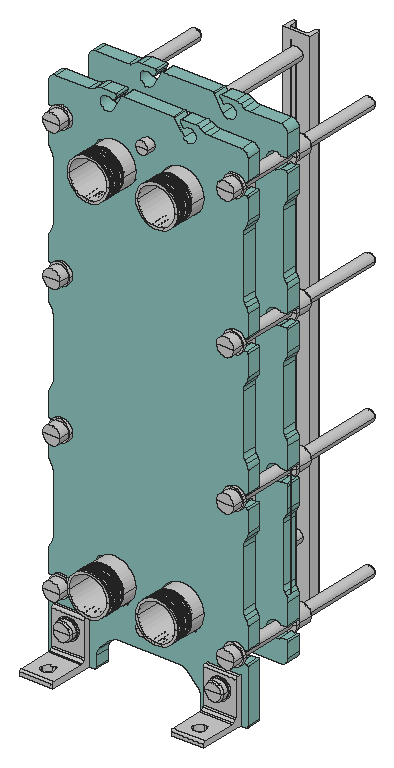
Revit family "Ekin_Endüstriyel - MIT508", category Specialty Equipment, Revit 2022
Family settings
  Round Connector Dimension = Use Diameter
  Part Type = Normal
  Work Plane-Based = No
  Always vertical = No
  Cut with Voids When Loaded = No
  Maintain Annotation Orientation = No
  Shared = No
  Room Calculation Point = No
Parameters (values of type "E12340000DD50L")
  URL = "https://en.ekinendustriyel.com/plate-heat-exchanger"
  Type Comments = "10 bar"
  Model = "E12340000DD50L"
  Material = Galvanized Steel- S235JR
  Manufacturer = "Ekin Endüstriyel"
  Keynote = "Threaded Connection"
  Description = "MIT - Heat Exchanger - 10 bar"
  Default Elevation = 0 mm
Reference planes
  plane 1 "Center (Front/Back)": y = 0
  plane 2: z = 0
  plane 3 "Center (Left/Right)": x = 0
  plane 4 "1": z = 318
  plane 5 "2": z = 73
  plane 6: z = 460
  plane 7: z = 417
  plane 8: x = 29.75
  plane 9: x = -29.75
Forms (mm)
  Extrusion 1, solid, material "Galvanized Steel - S235JR", detail levels coarse
    sketch origin (0, 0, 0) x (1, 0, 0) y (0, 0, 1)
      loop
        line (-146, 0) -> (146, 0) -> (146, 765) -> (-146, 765) -> (-146, 0)
    from 0 to -20
  Extrusion 2, solid, material "Galvanized Steel - S235JR", detail levels coarse
    sketch origin (0, 0, 0) x (1, 0, 0) y (0, 0, 1)
      loop
        line (-146, 0) -> (146, 0) -> (146, 765) -> (-146, 765) -> (-146, 0)
    from -73 to -93
  Extrusion 3, solid, material "Galvanized Steel- S235JR", detail levels coarse
    sketch origin (0, 0, 0) x (1, 0, 0) y (0, 0, 1)
      loop
        line (-146, 0) -> (146, 0) -> (146, 765) -> (-146, 765) -> (-146, 0)
    from -20 to -73
  Extrusion 4, solid, material "Galvanized Steel- S235JR", detail levels coarse
    sketch origin (0, 0, 318) x (-1, 0, 0) y (0, -1, 0)
      loop
        line (20, -270) -> (-20, -270) -> (-20, -289) -> (20, -289) -> (20, -270)
    from -318 to 427
  Extrusion 5, solid, material "Galvanized Steel- S235JR", detail levels coarse
    sketch origin (0, 0, 0) x (1, 0, 0) y (0, 0, 1)
      loop
        line (-82, 641) -> (82, 641) -> (82, 705) -> (-82, 705) -> (-82, 641)
      loop
        line (-82, 159) -> (-82, 95) -> (82, 95) -> (82, 159) -> (-82, 159)
    from 0 to 48.045
  Extrusion 6, solid, material "Galvanized Steel- S235JR", detail levels coarse
    sketch origin (0, 93, 0) x (-1, 0, 0) y (0, 0, 1)
      loop
        circle (126.8, 707.5) r 8
      loop
        circle (-126.8, 707.5) r 8
      loop
        circle (-126.8, 502.5) r 8
      loop
        circle (126.8, 502.5) r 8
      loop
        circle (126.8, 297.5) r 8
      loop
        circle (-126.8, 297.5) r 8
      loop
        circle (-126.8, 92.5) r 8
      loop
        circle (126.8, 92.5) r 8
    from 0 to 152.8
  Extrusion 7, solid, material "Galvanized Steel- S235JR", detail levels coarse
    sketch origin (-20, 270, 318) x (1, 0, 0) y (0, 0, 1)
      loop
        circle (20, 398) r 9.5
      loop
        circle (20, -234) r 9.5
    from 0 to 177
  Extrusion 8, solid, material "Galvanized Steel- S235JR", detail levels coarse
    sketch origin (0, 0, 318) x (-1, 0, 0) y (0, -1, 0)
      loop
        line (135, 67) -> (87, 67) -> (87, 0) -> (135, 0) -> (135, 67)
      loop
        line (-135, 67) -> (-135, 0) -> (-87, 0) -> (-87, 67) -> (-135, 67)
    from -318 to -251
  Extrusion 9, solid, material "Galvanized Steel - S235JR", detail levels medium
    sketch origin (0, 0, 0) x (1, 0, 0) y (0, 0, 1)
      loop
        line (-146, 0) -> (146, 0) -> (146, 765) -> (-146, 765) -> (-146, 0)
    from 0 to -20
  Extrusion 10, solid, material "Galvanized Steel - S235JR", detail levels medium
    sketch origin (0, 0, 0) x (1, 0, 0) y (0, 0, 1)
      loop
        line (-146, 0) -> (146, 0) -> (146, 765) -> (-146, 765) -> (-146, 0)
    from -73 to -93
  Extrusion 11, solid, material "Galvanized Steel- S235JR", detail levels medium
    sketch origin (0, 0, 0) x (1, 0, 0) y (0, 0, 1)
      loop
        line (-97, 674) -> (-97, 123)
        arc (-97, 123) -> (-83.234, 89.766) -> (-50, 76) r 47
        line (-50, 76) -> (-9.5, 76) -> (-9.5, 84)
        arc (-9.5, 84) -> (0, 93.5) -> (9.5, 84) r 9.5
        line (9.5, 84) -> (9.5, 76) -> (50, 76)
        arc (50, 76) -> (83.234, 89.766) -> (97, 123) r 47
        line (97, 123) -> (97, 674)
        arc (97, 674) -> (83.234, 707.234) -> (50, 721) r 47
        line (50, 721) -> (9.5, 721) -> (9.5, 713)
        arc (9.5, 713) -> (0, 703.5) -> (-9.5, 713) r 9.5
        line (-9.5, 713) -> (-9.5, 721) -> (-50, 721)
        arc (-50, 721) -> (-83.234, 707.234) -> (-97, 674) r 47
    from -73 to -20
  Extrusion 12, solid, material "Galvanized Steel- S235JR", detail levels medium
    sketch origin (0, 0, 0) x (1, 0, 0) y (0, 0, 1)
      loop
        circle (-50, 673) r 30
      loop
        circle (50, 673) r 30
      loop
        circle (-50, 127) r 30
      loop
        circle (50, 127) r 30
      loop
        circle (-50, 127) r 26.5
      loop
        circle (50, 127) r 26.5
      loop
        circle (-50, 673) r 26.5
      loop
        circle (50, 673) r 26.5
    from 0 to 48
  Extrusion 13, solid, material "Galvanized Steel- S235JR", detail levels medium
    sketch origin (0, 0, 0) x (1, 0, 0) y (0, 0, 1)
      loop
        circle (-126.8, 502.5) r 8
      loop
        circle (-126.8, 297.5) r 8
      loop
        circle (-126.8, 92.5) r 8
      loop
        circle (-126.8, 707.5) r 8
      loop
        circle (126.8, 502.5) r 8
      loop
        circle (126.8, 297.5) r 8
      loop
        circle (126.8, 92.5) r 8
      loop
        circle (126.8, 707.5) r 8
    from -245.8 to 18.7
  Extrusion 14, void
    sketch origin (0, 0, 0) x (1, 0, 0) y (0, 0, 1)
      loop
        circle (-126.8, 502.5) r 8
      loop
        circle (-126.8, 297.5) r 8
      loop
        circle (-126.8, 92.5) r 8
      loop
        circle (-126.8, 707.5) r 8
      loop
        circle (126.8, 502.5) r 8
      loop
        circle (126.8, 297.5) r 8
      loop
        circle (126.8, 92.5) r 8
      loop
        circle (126.8, 707.5) r 8
      loop
        circle (0, 716) r 9.5
      loop
        circle (0, 84) r 9.5
    from -93 to 0.5
  Extrusion 15, solid, material "Galvanized Steel- S235JR", detail levels medium
    sketch origin (0, 0, 318) x (-1, 0, 0) y (0, -1, 0)
      loop
        line (20, -289) -> (20, -270) -> (-20, -270) -> (-20, -289) -> (-14.599, -289) -> (-14.599, -275) -> (14.599, -275) -> (14.599, -289) -> (20, -289)
    from -318 to 427
  Extrusion 16, solid, material "Galvanized Steel- S235JR", detail levels medium
    sketch origin (0, 0, 0) x (0, 1, 0) y (0, 0, 1)
      loop
        line (0, 67) -> (-8, 67) -> (-8, 8) -> (-67, 8) -> (-67, 0) -> (0, 0) -> (0, 67)
    from -135 to -87
  Extrusion 17, solid, material "Galvanized Steel- S235JR", detail levels medium
    sketch origin (0, 0, 0) x (0, 1, 0) y (0, 0, 1)
      loop
        line (0, 67) -> (-8, 67) -> (-8, 8) -> (-67, 8) -> (-67, 0) -> (0, 0) -> (0, 67)
    from 87 to 135
  Extrusion 18, solid, material "Galvanized Steel- S235JR", detail levels medium
    sketch origin (0, 0, 0) x (1, 0, 0) y (0, 0, 1)
      loop
        circle (-111, 45) r 7
      loop
        circle (111, 45) r 7
    from -39.3 to 20.7
  Extrusion 19, solid, material "Galvanized Steel- S235JR", detail levels medium
    sketch origin (0, 93, 0) x (-1, 0, 0) y (0, 0, 1)
      loop
        circle (0, 84) r 9.5
      loop
        circle (0, 716) r 9.5
    from -105 to 177
  Extrusion 20, solid, material "Galvanized Steel - S235JR", detail levels fine
    sketch origin (0, 0, 0) x (1, 0, 0) y (0, 0, 1)
      loop
        arc (-146, 3) -> (-145.121, 0.879) -> (-143, 0) r 3
        line (-143, 0) -> (-116, 0)
        arc (-116, 0) -> (-114.586, 0.586) -> (-114, 2) r 2
        line (-114, 2) -> (-114, 33.544)
        arc (-114, 33.544) -> (-114.327, 34.639) -> (-115.2, 35.377) r 2
        arc (-115.2, 35.377) -> (-111, 55.5) -> (-106.8, 35.377) r 10.5
        arc (-106.8, 35.377) -> (-107.673, 34.639) -> (-108, 33.544) r 2
        line (-108, 33.544) -> (-108, 2)
        arc (-108, 2) -> (-107.414, 0.586) -> (-106, 0) r 2
        line (-106, 0) -> (-79, 0)
        arc (-79, 0) -> (-76.879, 0.879) -> (-76, 3) r 3
        line (-76, 3) -> (-76, 18.787)
        arc (-76, 18.787) -> (-74.858, 24.527) -> (-71.607, 29.393) r 15
        line (-71.607, 29.393) -> (-55.393, 45.607)
        arc (-55.393, 45.607) -> (-50.527, 48.858) -> (-44.787, 50) r 15
        line (-44.787, 50) -> (44.787, 50)
        arc (44.787, 50) -> (50.527, 48.858) -> (55.393, 45.607) r 15
        line (55.393, 45.607) -> (71.607, 29.393)
        arc (71.607, 29.393) -> (74.858, 24.527) -> (76, 18.787) r 15
        line (76, 18.787) -> (76, 3)
        arc (76, 3) -> (76.879, 0.879) -> (79, 0) r 3
        line (79, 0) -> (106, 0)
        arc (106, 0) -> (107.414, 0.586) -> (108, 2) r 2
        line (108, 2) -> (108, 33.544)
        arc (108, 33.544) -> (107.673, 34.639) -> (106.8, 35.377) r 2
        arc (106.8, 35.377) -> (111, 55.5) -> (115.2, 35.377) r 10.5
        arc (115.2, 35.377) -> (114.327, 34.639) -> (114, 33.544) r 2
        line (114, 33.544) -> (114, 2)
        arc (114, 2) -> (114.586, 0.586) -> (116, 0) r 2
        line (116, 0) -> (143, 0)
        arc (143, 0) -> (145.121, 0.879) -> (146, 3) r 3
        line (146, 3) -> (146, 81.75)
        arc (146, 81.75) -> (145.414, 83.164) -> (144, 83.75) r 2
        line (144, 83.75) -> (135.769, 83.75)
        arc (135.769, 83.75) -> (135.087, 83.63) -> (134.487, 83.286) r 2
        arc (134.487, 83.286) -> (114.8, 92.5) -> (134.487, 101.714) r 12
        arc (134.487, 101.714) -> (135.087, 101.37) -> (135.769, 101.25) r 2
        line (135.769, 101.25) -> (144, 101.25)
        arc (144, 101.25) -> (145.414, 101.836) -> (146, 103.25) r 2
        line (146, 103.25) -> (146, 133.856)
        arc (146, 133.856) -> (145.489, 137.739) -> (143.99, 141.356) r 15
        line (143.99, 141.356) -> (141.01, 146.519)
        arc (141.01, 146.519) -> (139.511, 150.137) -> (139, 154.019) r 15
        line (139, 154.019) -> (139, 235.981)
        arc (139, 235.981) -> (139.511, 239.863) -> (141.01, 243.481) r 15
        line (141.01, 243.481) -> (143.99, 248.644)
        arc (143.99, 248.644) -> (145.489, 252.261) -> (146, 256.144) r 15
        line (146, 256.144) -> (146, 286.75)
        arc (146, 286.75) -> (145.414, 288.164) -> (144, 288.75) r 2
        line (144, 288.75) -> (135.769, 288.75)
        arc (135.769, 288.75) -> (135.087, 288.63) -> (134.487, 288.286) r 2
        arc (134.487, 288.286) -> (114.8, 297.5) -> (134.487, 306.714) r 12
        arc (134.487, 306.714) -> (135.087, 306.37) -> (135.769, 306.25) r 2
        line (135.769, 306.25) -> (144, 306.25)
        arc (144, 306.25) -> (145.414, 306.836) -> (146, 308.25) r 2
        line (146, 308.25) -> (146, 338.856)
        arc (146, 338.856) -> (145.489, 342.739) -> (143.99, 346.356) r 15
        line (143.99, 346.356) -> (141.01, 351.519)
        arc (141.01, 351.519) -> (139.511, 355.137) -> (139, 359.019) r 15
        line (139, 359.019) -> (139, 440.981)
        arc (139, 440.981) -> (139.511, 444.863) -> (141.01, 448.481) r 15
        line (141.01, 448.481) -> (143.99, 453.644)
        arc (143.99, 453.644) -> (145.489, 457.261) -> (146, 461.144) r 15
        line (146, 461.144) -> (146, 491.75)
        arc (146, 491.75) -> (145.414, 493.164) -> (144, 493.75) r 2
        line (144, 493.75) -> (135.769, 493.75)
        arc (135.769, 493.75) -> (135.087, 493.63) -> (134.487, 493.286) r 2
        arc (134.487, 493.286) -> (114.8, 502.5) -> (134.487, 511.714) r 12
        arc (134.487, 511.714) -> (135.087, 511.37) -> (135.769, 511.25) r 2
        line (135.769, 511.25) -> (144, 511.25)
        arc (144, 511.25) -> (145.414, 511.836) -> (146, 513.25) r 2
        line (146, 513.25) -> (146, 543.856)
        arc (146, 543.856) -> (145.489, 547.739) -> (143.99, 551.356) r 15
        line (143.99, 551.356) -> (141.01, 556.519)
        arc (141.01, 556.519) -> (139.511, 560.137) -> (139, 564.019) r 15
        line (139, 564.019) -> (139, 645.981)
        arc (139, 645.981) -> (139.511, 649.863) -> (141.01, 653.481) r 15
        line (141.01, 653.481) -> (143.99, 658.644)
        arc (143.99, 658.644) -> (145.489, 662.261) -> (146, 666.144) r 15
        line (146, 666.144) -> (146, 696.75)
        arc (146, 696.75) -> (145.414, 698.164) -> (144, 698.75) r 2
        line (144, 698.75) -> (135.769, 698.75)
        arc (135.769, 698.75) -> (135.087, 698.63) -> (134.487, 698.286) r 2
        arc (134.487, 698.286) -> (114.8, 707.5) -> (134.487, 716.714) r 12
        arc (134.487, 716.714) -> (135.087, 716.37) -> (135.769, 716.25) r 2
        line (135.769, 716.25) -> (144, 716.25)
        arc (144, 716.25) -> (145.414, 716.836) -> (146, 718.25) r 2
        line (146, 718.25) -> (146, 748)
        arc (146, 748) -> (143.071, 755.071) -> (136, 758) r 10
        line (136, 758) -> (89.144, 758)
        arc (89.144, 758) -> (85.261, 758.511) -> (81.644, 760.01) r 15
        line (81.644, 760.01) -> (76.481, 762.99)
        arc (76.481, 762.99) -> (72.863, 764.489) -> (68.981, 765) r 15
        line (68.981, 765) -> (48.453, 765)
        arc (48.453, 765) -> (46.721, 764) -> (46.721, 762) r 2
        line (46.721, 762) -> (49.979, 756.357)
        arc (49.979, 756.357) -> (51.39, 755.383) -> (53.037, 755.86) r 2
        arc (53.037, 755.86) -> (70.364, 746.316) -> (50.907, 742.75) r 10.5
        line (50.907, 742.75) -> (38.638, 764)
        arc (38.638, 764) -> (37.906, 764.732) -> (36.906, 765) r 2
        line (36.906, 765) -> (-36.906, 765)
        arc (-36.906, 765) -> (-37.906, 764.732) -> (-38.638, 764) r 2
        line (-38.638, 764) -> (-50.907, 742.75)
        arc (-50.907, 742.75) -> (-70.364, 746.316) -> (-53.037, 755.86) r 10.5
        arc (-53.037, 755.86) -> (-51.39, 755.383) -> (-49.979, 756.357) r 2
        line (-49.979, 756.357) -> (-46.721, 762)
        arc (-46.721, 762) -> (-46.721, 764) -> (-48.453, 765) r 2
        line (-48.453, 765) -> (-68.981, 765)
        arc (-68.981, 765) -> (-72.863, 764.489) -> (-76.481, 762.99) r 15
        line (-76.481, 762.99) -> (-81.644, 760.01)
        arc (-81.644, 760.01) -> (-85.261, 758.511) -> (-89.144, 758) r 15
        line (-89.144, 758) -> (-136, 758)
        arc (-136, 758) -> (-143.071, 755.071) -> (-146, 748) r 10
        line (-146, 748) -> (-146, 718.25)
        arc (-146, 718.25) -> (-145.414, 716.836) -> (-144, 716.25) r 2
        line (-144, 716.25) -> (-135.769, 716.25)
        arc (-135.769, 716.25) -> (-135.087, 716.37) -> (-134.487, 716.714) r 2
        arc (-134.487, 716.714) -> (-114.8, 707.5) -> (-134.487, 698.286) r 12
        arc (-134.487, 698.286) -> (-135.087, 698.63) -> (-135.769, 698.75) r 2
        line (-135.769, 698.75) -> (-144, 698.75)
        arc (-144, 698.75) -> (-145.414, 698.164) -> (-146, 696.75) r 2
        line (-146, 696.75) -> (-146, 666.144)
        arc (-146, 666.144) -> (-145.489, 662.261) -> (-143.99, 658.644) r 15
        line (-143.99, 658.644) -> (-141.01, 653.481)
        arc (-141.01, 653.481) -> (-139.511, 649.863) -> (-139, 645.981) r 15
        line (-139, 645.981) -> (-139, 564.019)
        arc (-139, 564.019) -> (-139.511, 560.137) -> (-141.01, 556.519) r 15
        line (-141.01, 556.519) -> (-143.99, 551.356)
        arc (-143.99, 551.356) -> (-145.489, 547.739) -> (-146, 543.856) r 15
        line (-146, 543.856) -> (-146, 513.25)
        arc (-146, 513.25) -> (-145.414, 511.836) -> (-144, 511.25) r 2
        line (-144, 511.25) -> (-135.769, 511.25)
        arc (-135.769, 511.25) -> (-135.087, 511.37) -> (-134.487, 511.714) r 2
        arc (-134.487, 511.714) -> (-114.8, 502.5) -> (-134.487, 493.286) r 12
        arc (-134.487, 493.286) -> (-135.087, 493.63) -> (-135.769, 493.75) r 2
        line (-135.769, 493.75) -> (-144, 493.75)
        arc (-144, 493.75) -> (-145.414, 493.164) -> (-146, 491.75) r 2
        line (-146, 491.75) -> (-146, 461.144)
        arc (-146, 461.144) -> (-145.489, 457.261) -> (-143.99, 453.644) r 15
        line (-143.99, 453.644) -> (-141.01, 448.481)
        arc (-141.01, 448.481) -> (-139.511, 444.863) -> (-139, 440.981) r 15
        line (-139, 440.981) -> (-139, 359.019)
        arc (-139, 359.019) -> (-139.511, 355.137) -> (-141.01, 351.519) r 15
        line (-141.01, 351.519) -> (-143.99, 346.356)
        arc (-143.99, 346.356) -> (-145.489, 342.739) -> (-146, 338.856) r 15
        line (-146, 338.856) -> (-146, 308.25)
        arc (-146, 308.25) -> (-145.414, 306.836) -> (-144, 306.25) r 2
        line (-144, 306.25) -> (-135.769, 306.25)
        arc (-135.769, 306.25) -> (-135.087, 306.37) -> (-134.487, 306.714) r 2
        arc (-134.487, 306.714) -> (-114.8, 297.5) -> (-134.487, 288.286) r 12
        arc (-134.487, 288.286) -> (-135.087, 288.63) -> (-135.769, 288.75) r 2
        line (-135.769, 288.75) -> (-144, 288.75)
        arc (-144, 288.75) -> (-145.414, 288.164) -> (-146, 286.75) r 2
        line (-146, 286.75) -> (-146, 256.144)
        arc (-146, 256.144) -> (-145.489, 252.261) -> (-143.99, 248.644) r 15
        line (-143.99, 248.644) -> (-141.01, 243.481)
        arc (-141.01, 243.481) -> (-139.511, 239.863) -> (-139, 235.981) r 15
        line (-139, 235.981) -> (-139, 154.019)
        arc (-139, 154.019) -> (-139.511, 150.137) -> (-141.01, 146.519) r 15
        line (-141.01, 146.519) -> (-143.99, 141.356)
        arc (-143.99, 141.356) -> (-145.489, 137.739) -> (-146, 133.856) r 15
        line (-146, 133.856) -> (-146, 103.25)
        arc (-146, 103.25) -> (-145.414, 101.836) -> (-144, 101.25) r 2
        line (-144, 101.25) -> (-135.769, 101.25)
        arc (-135.769, 101.25) -> (-135.087, 101.37) -> (-134.487, 101.714) r 2
        arc (-134.487, 101.714) -> (-114.8, 92.5) -> (-134.487, 83.286) r 12
        arc (-134.487, 83.286) -> (-135.087, 83.63) -> (-135.769, 83.75) r 2
        line (-135.769, 83.75) -> (-144, 83.75)
        arc (-144, 83.75) -> (-145.414, 83.164) -> (-146, 81.75) r 2
        line (-146, 81.75) -> (-146, 3)
      loop
        circle (-50, 127) r 32
      loop
        circle (50, 127) r 32
      loop
        circle (-50, 673) r 32
      loop
        circle (50, 673) r 32
      loop
        circle (0, 716) r 8
      loop
        circle (0, 84) r 8
    from -20 to 0
  Extrusion 21, solid, material "Galvanized Steel - S235JR", detail levels fine
    sketch origin (0, 0, 0) x (1, 0, 0) y (0, 0, 1)
      loop
        arc (-146, 60) -> (-143.071, 52.929) -> (-136, 50) r 10
        line (-136, 50) -> (-21, 50)
        arc (-21, 50) -> (-13.929, 52.929) -> (-11, 60) r 10
        line (-11, 60) -> (-11, 84)
        arc (-11, 84) -> (0, 95) -> (11, 84) r 11
        line (11, 84) -> (11, 60)
        arc (11, 60) -> (13.929, 52.929) -> (21, 50) r 10
        line (21, 50) -> (136, 50)
        arc (136, 50) -> (143.071, 52.929) -> (146, 60) r 10
        line (146, 60) -> (146, 81.75)
        arc (146, 81.75) -> (145.414, 83.164) -> (144, 83.75) r 2
        line (144, 83.75) -> (135.769, 83.75)
        arc (135.769, 83.75) -> (135.087, 83.63) -> (134.487, 83.286) r 2
        arc (134.487, 83.286) -> (114.8, 92.5) -> (134.487, 101.714) r 12
        arc (134.487, 101.714) -> (135.087, 101.37) -> (135.769, 101.25) r 2
        line (135.769, 101.25) -> (144, 101.25)
        arc (144, 101.25) -> (145.414, 101.836) -> (146, 103.25) r 2
        line (146, 103.25) -> (146, 133.856)
        arc (146, 133.856) -> (145.489, 137.739) -> (143.99, 141.356) r 15
        line (143.99, 141.356) -> (141.01, 146.519)
        arc (141.01, 146.519) -> (139.511, 150.137) -> (139, 154.019) r 15
        line (139, 154.019) -> (139, 235.981)
        arc (139, 235.981) -> (139.511, 239.863) -> (141.01, 243.481) r 15
        line (141.01, 243.481) -> (143.99, 248.644)
        arc (143.99, 248.644) -> (145.489, 252.261) -> (146, 256.144) r 15
        line (146, 256.144) -> (146, 286.75)
        arc (146, 286.75) -> (145.414, 288.164) -> (144, 288.75) r 2
        line (144, 288.75) -> (135.769, 288.75)
        arc (135.769, 288.75) -> (135.087, 288.63) -> (134.487, 288.286) r 2
        arc (134.487, 288.286) -> (114.8, 297.5) -> (134.487, 306.714) r 12
        arc (134.487, 306.714) -> (135.087, 306.37) -> (135.769, 306.25) r 2
        line (135.769, 306.25) -> (144, 306.25)
        arc (144, 306.25) -> (145.414, 306.836) -> (146, 308.25) r 2
        line (146, 308.25) -> (146, 338.856)
        arc (146, 338.856) -> (145.489, 342.739) -> (143.99, 346.356) r 15
        line (143.99, 346.356) -> (141.01, 351.519)
        arc (141.01, 351.519) -> (139.511, 355.137) -> (139, 359.019) r 15
        line (139, 359.019) -> (139, 440.981)
        arc (139, 440.981) -> (139.511, 444.863) -> (141.01, 448.481) r 15
        line (141.01, 448.481) -> (143.99, 453.644)
        arc (143.99, 453.644) -> (145.489, 457.261) -> (146, 461.144) r 15
        line (146, 461.144) -> (146, 491.75)
        arc (146, 491.75) -> (145.414, 493.164) -> (144, 493.75) r 2
        line (144, 493.75) -> (135.769, 493.75)
        arc (135.769, 493.75) -> (135.087, 493.63) -> (134.487, 493.286) r 2
        arc (134.487, 493.286) -> (114.8, 502.5) -> (134.487, 511.714) r 12
        arc (134.487, 511.714) -> (135.087, 511.37) -> (135.769, 511.25) r 2
        line (135.769, 511.25) -> (144, 511.25)
        arc (144, 511.25) -> (145.414, 511.836) -> (146, 513.25) r 2
        line (146, 513.25) -> (146, 543.856)
        arc (146, 543.856) -> (145.489, 547.739) -> (143.99, 551.356) r 15
        line (143.99, 551.356) -> (141.01, 556.519)
        arc (141.01, 556.519) -> (139.511, 560.137) -> (139, 564.019) r 15
        line (139, 564.019) -> (139, 645.981)
        arc (139, 645.981) -> (139.511, 649.863) -> (141.01, 653.481) r 15
        line (141.01, 653.481) -> (143.99, 658.644)
        arc (143.99, 658.644) -> (145.489, 662.261) -> (146, 666.144) r 15
        line (146, 666.144) -> (146, 696.75)
        arc (146, 696.75) -> (145.414, 698.164) -> (144, 698.75) r 2
        line (144, 698.75) -> (135.769, 698.75)
        arc (135.769, 698.75) -> (135.087, 698.63) -> (134.487, 698.286) r 2
        arc (134.487, 698.286) -> (114.8, 707.5) -> (134.487, 716.714) r 12
        arc (134.487, 716.714) -> (135.087, 716.37) -> (135.769, 716.25) r 2
        line (135.769, 716.25) -> (144, 716.25)
        arc (144, 716.25) -> (145.414, 716.836) -> (146, 718.25) r 2
        line (146, 718.25) -> (146, 748)
        arc (146, 748) -> (143.071, 755.071) -> (136, 758) r 10
        line (136, 758) -> (89.144, 758)
        arc (89.144, 758) -> (85.261, 758.511) -> (81.644, 760.01) r 15
        line (81.644, 760.01) -> (76.481, 762.99)
        arc (76.481, 762.99) -> (72.863, 764.489) -> (68.981, 765) r 15
        line (68.981, 765) -> (48.453, 765)
        arc (48.453, 765) -> (46.721, 764) -> (46.721, 762) r 2
        line (46.721, 762) -> (49.979, 756.357)
        arc (49.979, 756.357) -> (51.39, 755.383) -> (53.037, 755.86) r 2
        arc (53.037, 755.86) -> (70.364, 746.316) -> (50.907, 742.75) r 10.5
        line (50.907, 742.75) -> (38.638, 764)
        arc (38.638, 764) -> (37.906, 764.732) -> (36.906, 765) r 2
        line (36.906, 765) -> (-36.906, 765)
        arc (-36.906, 765) -> (-37.906, 764.732) -> (-38.638, 764) r 2
        line (-38.638, 764) -> (-50.907, 742.75)
        arc (-50.907, 742.75) -> (-70.364, 746.316) -> (-53.037, 755.86) r 10.5
        arc (-53.037, 755.86) -> (-51.39, 755.383) -> (-49.979, 756.357) r 2
        line (-49.979, 756.357) -> (-46.721, 762)
        arc (-46.721, 762) -> (-46.721, 764) -> (-48.453, 765) r 2
        line (-48.453, 765) -> (-68.981, 765)
        arc (-68.981, 765) -> (-72.863, 764.489) -> (-76.481, 762.99) r 15
        line (-76.481, 762.99) -> (-81.644, 760.01)
        arc (-81.644, 760.01) -> (-85.261, 758.511) -> (-89.144, 758) r 15
        line (-89.144, 758) -> (-136, 758)
        arc (-136, 758) -> (-143.071, 755.071) -> (-146, 748) r 10
        line (-146, 748) -> (-146, 718.25)
        arc (-146, 718.25) -> (-145.414, 716.836) -> (-144, 716.25) r 2
        line (-144, 716.25) -> (-135.769, 716.25)
        arc (-135.769, 716.25) -> (-135.087, 716.37) -> (-134.487, 716.714) r 2
        arc (-134.487, 716.714) -> (-114.8, 707.5) -> (-134.487, 698.286) r 12
        arc (-134.487, 698.286) -> (-135.087, 698.63) -> (-135.769, 698.75) r 2
        line (-135.769, 698.75) -> (-144, 698.75)
        arc (-144, 698.75) -> (-145.414, 698.164) -> (-146, 696.75) r 2
        line (-146, 696.75) -> (-146, 666.144)
        arc (-146, 666.144) -> (-145.489, 662.261) -> (-143.99, 658.644) r 15
        line (-143.99, 658.644) -> (-141.01, 653.481)
        arc (-141.01, 653.481) -> (-139.511, 649.863) -> (-139, 645.981) r 15
        line (-139, 645.981) -> (-139, 564.019)
        arc (-139, 564.019) -> (-139.511, 560.137) -> (-141.01, 556.519) r 15
        line (-141.01, 556.519) -> (-143.99, 551.356)
        arc (-143.99, 551.356) -> (-145.489, 547.739) -> (-146, 543.856) r 15
        line (-146, 543.856) -> (-146, 513.25)
        arc (-146, 513.25) -> (-145.414, 511.836) -> (-144, 511.25) r 2
        line (-144, 511.25) -> (-135.769, 511.25)
        arc (-135.769, 511.25) -> (-135.087, 511.37) -> (-134.487, 511.714) r 2
        arc (-134.487, 511.714) -> (-114.8, 502.5) -> (-134.487, 493.286) r 12
        arc (-134.487, 493.286) -> (-135.087, 493.63) -> (-135.769, 493.75) r 2
        line (-135.769, 493.75) -> (-144, 493.75)
        arc (-144, 493.75) -> (-145.414, 493.164) -> (-146, 491.75) r 2
        line (-146, 491.75) -> (-146, 461.144)
        arc (-146, 461.144) -> (-145.489, 457.261) -> (-143.99, 453.644) r 15
        line (-143.99, 453.644) -> (-141.01, 448.481)
        arc (-141.01, 448.481) -> (-139.511, 444.863) -> (-139, 440.981) r 15
        line (-139, 440.981) -> (-139, 359.019)
        arc (-139, 359.019) -> (-139.511, 355.137) -> (-141.01, 351.519) r 15
        line (-141.01, 351.519) -> (-143.99, 346.356)
        arc (-143.99, 346.356) -> (-145.489, 342.739) -> (-146, 338.856) r 15
        line (-146, 338.856) -> (-146, 308.25)
        arc (-146, 308.25) -> (-145.414, 306.836) -> (-144, 306.25) r 2
        line (-144, 306.25) -> (-135.769, 306.25)
        arc (-135.769, 306.25) -> (-135.087, 306.37) -> (-134.487, 306.714) r 2
        arc (-134.487, 306.714) -> (-114.8, 297.5) -> (-134.487, 288.286) r 12
        arc (-134.487, 288.286) -> (-135.087, 288.63) -> (-135.769, 288.75) r 2
        line (-135.769, 288.75) -> (-144, 288.75)
        arc (-144, 288.75) -> (-145.414, 288.164) -> (-146, 286.75) r 2
        line (-146, 286.75) -> (-146, 256.144)
        arc (-146, 256.144) -> (-145.489, 252.261) -> (-143.99, 248.644) r 15
        line (-143.99, 248.644) -> (-141.01, 243.481)
        arc (-141.01, 243.481) -> (-139.511, 239.863) -> (-139, 235.981) r 15
        line (-139, 235.981) -> (-139, 154.019)
        arc (-139, 154.019) -> (-139.511, 150.137) -> (-141.01, 146.519) r 15
        line (-141.01, 146.519) -> (-143.99, 141.356)
        arc (-143.99, 141.356) -> (-145.489, 137.739) -> (-146, 133.856) r 15
        line (-146, 133.856) -> (-146, 103.25)
        arc (-146, 103.25) -> (-145.414, 101.836) -> (-144, 101.25) r 2
        line (-144, 101.25) -> (-135.769, 101.25)
        arc (-135.769, 101.25) -> (-135.087, 101.37) -> (-134.487, 101.714) r 2
        arc (-134.487, 101.714) -> (-114.8, 92.5) -> (-134.487, 83.286) r 12
        arc (-134.487, 83.286) -> (-135.087, 83.63) -> (-135.769, 83.75) r 2
        line (-135.769, 83.75) -> (-144, 83.75)
        arc (-144, 83.75) -> (-145.414, 83.164) -> (-146, 81.75) r 2
        line (-146, 81.75) -> (-146, 60)
      loop
        circle (0, 716) r 11
    from -93 to -73
  Extrusion 22, solid, material "Galvanized Steel- S235JR", detail levels fine
    sketch origin (0, 0, 0) x (1, 0, 0) y (0, 0, 1)
      loop
        line (97, 123) -> (97, 674)
        arc (97, 674) -> (83.234, 707.234) -> (50, 721) r 47
        line (50, 721) -> (9.5, 721) -> (9.5, 713)
        arc (9.5, 713) -> (0, 703.5) -> (-9.5, 713) r 9.5
        line (-9.5, 713) -> (-9.5, 721) -> (-50, 721)
        arc (-50, 721) -> (-83.234, 707.234) -> (-97, 674) r 47
        line (-97, 674) -> (-97, 123)
        arc (-97, 123) -> (-83.234, 89.766) -> (-50, 76) r 47
        line (-50, 76) -> (-9.5, 76) -> (-9.5, 83)
        arc (-9.5, 83) -> (0, 92.5) -> (9.5, 83) r 9.5
        line (9.5, 83) -> (9.5, 76) -> (50, 76)
        arc (50, 76) -> (83.234, 89.766) -> (97, 123) r 47
      loop
        circle (-50, 673) r 32
      loop
        circle (50, 673) r 32
      loop
        circle (-50, 127) r 32
      loop
        circle (50, 127) r 32
    from -73 to -20
  Extrusion 23, solid, material "Galvanized Steel- S235JR", detail levels fine
    sketch origin (0, 0, 318) x (-1, 0, 0) y (0, -1, 0)
      loop
        arc (14.599, -286.757) -> (17.519, -288.989) -> (20, -286.279) r 2.721
        line (20, -286.279) -> (20, -270) -> (-20, -270) -> (-20, -286.279)
        arc (-20, -286.279) -> (-17.519, -288.989) -> (-14.599, -286.757) r 2.721
        line (-14.599, -286.757) -> (-12.868, -277.061)
        arc (-12.868, -277.061) -> (-12.012, -275.583) -> (-10.407, -275) r 2.5
        line (-10.407, -275) -> (10.407, -275)
        arc (10.407, -275) -> (12.012, -275.583) -> (12.868, -277.061) r 2.5
        line (12.868, -277.061) -> (14.599, -286.757)
    from 427 to -318
  Revolve 24, solid, material "Galvanized Steel- S235JR", detail levels fine
    sketch origin (-0.866, 0, 297.215) x (-1, 0, 0) y (0, -1, 0)
      loop
        line (134.8, -243.8) -> (134.8, -122.7) -> (138.8, -122.7) -> (140.221, -120.846) -> (140.221, -99.061) -> (138.8, -97.2) -> (141.8, -97.2) -> (141.8, -93) -> (134.8, -93) -> (134.8, 0) -> (141.8, 0) -> (141.8, 4.2) -> (139.175, 4.2) -> (139.175, 18.7) -> (126.37, 18.7) -> (126.37, -245.8) -> (133.645, -245.8) -> (134.8, -243.8)
      axis (126.37, 18.7) -> (126.37, -245.8)
    angle from 0 to 360
  Revolve 25, solid, material "Galvanized Steel- S235JR", detail levels fine
    sketch origin (0.866, 0, 297.215) x (1, 0, 0) y (0, 1, 0)
      loop
        line (134.8, 243.8) -> (133.645, 245.8) -> (126.37, 245.8) -> (126.37, -18.7) -> (139.175, -18.7) -> (139.175, -4.2) -> (141.8, -4.2) -> (141.8, 0) -> (134.8, 0) -> (134.8, 93) -> (141.8, 93) -> (141.8, 97.2) -> (138.8, 97.2) -> (140.221, 99.061) -> (140.221, 120.846) -> (138.8, 122.7) -> (134.8, 122.7) -> (134.8, 243.8)
      axis (126.37, -18.7) -> (126.37, 245.8)
    angle from 0 to 360
  Revolve 26, solid, material "Galvanized Steel- S235JR", detail levels fine
    sketch origin (-0.866, 0, 502.59) x (0, 1, 0) y (-1, 0, 0)
      loop
        line (243.8, 134.8) -> (122.7, 134.8) -> (122.7, 138.8) -> (120.846, 140.221) -> (99.061, 140.221) -> (97.2, 138.8) -> (97.2, 141.8) -> (93, 141.8) -> (93, 134.8) -> (0, 134.8) -> (0, 141.8) -> (-4.2, 141.8) -> (-4.2, 139.175) -> (-18.7, 139.175) -> (-18.7, 126.37) -> (245.8, 126.37) -> (245.8, 133.645) -> (243.8, 134.8)
      axis (-18.7, 126.37) -> (245.8, 126.37)
    angle from 0 to 360
  Revolve 27, solid, material "Galvanized Steel- S235JR", detail levels fine
    sketch origin (0.866, 0, 502.59) x (0, -1, 0) y (1, 0, 0)
      loop
        line (-243.8, 134.8) -> (-245.8, 133.645) -> (-245.8, 126.37) -> (18.7, 126.37) -> (18.7, 139.175) -> (4.2, 139.175) -> (4.2, 141.8) -> (0, 141.8) -> (0, 134.8) -> (-93, 134.8) -> (-93, 141.8) -> (-97.2, 141.8) -> (-97.2, 138.8) -> (-99.061, 140.221) -> (-120.846, 140.221) -> (-122.7, 138.8) -> (-122.7, 134.8) -> (-243.8, 134.8)
      axis (18.7, 126.37) -> (-245.8, 126.37)
    angle from 0 to 360
  Revolve 28, solid, material "Galvanized Steel- S235JR", detail levels fine
    sketch origin (-0.866, 0, 707.59) x (0, 1, 0) y (-1, 0, 0)
      loop
        line (243.8, 134.8) -> (122.7, 134.8) -> (122.7, 138.8) -> (120.846, 140.221) -> (99.061, 140.221) -> (97.2, 138.8) -> (97.2, 141.8) -> (93, 141.8) -> (93, 134.8) -> (0, 134.8) -> (0, 141.8) -> (-4.2, 141.8) -> (-4.2, 139.175) -> (-18.7, 139.175) -> (-18.7, 126.37) -> (245.8, 126.37) -> (245.8, 133.645) -> (243.8, 134.8)
      axis (-18.7, 126.37) -> (245.8, 126.37)
    angle from 0 to 360
  Revolve 29, solid, material "Galvanized Steel- S235JR", detail levels fine
    sketch origin (0.866, 0, 707.59) x (0, -1, 0) y (1, 0, 0)
      loop
        line (-243.8, 134.8) -> (-245.8, 133.645) -> (-245.8, 126.37) -> (18.7, 126.37) -> (18.7, 139.175) -> (4.2, 139.175) -> (4.2, 141.8) -> (0, 141.8) -> (0, 134.8) -> (-93, 134.8) -> (-93, 141.8) -> (-97.2, 141.8) -> (-97.2, 138.8) -> (-99.061, 140.221) -> (-120.846, 140.221) -> (-122.7, 138.8) -> (-122.7, 134.8) -> (-243.8, 134.8)
      axis (18.7, 126.37) -> (-245.8, 126.37)
    angle from 0 to 360
  Revolve 30, solid, material "Galvanized Steel- S235JR", detail levels fine
    sketch origin (-0.866, 0, 92.59) x (0, 1, 0) y (-1, 0, 0)
      loop
        line (243.8, 134.8) -> (122.7, 134.8) -> (122.7, 138.8) -> (120.846, 140.221) -> (99.061, 140.221) -> (97.2, 138.8) -> (97.2, 141.8) -> (93, 141.8) -> (93, 134.8) -> (0, 134.8) -> (0, 141.8) -> (-4.2, 141.8) -> (-4.2, 139.175) -> (-18.7, 139.175) -> (-18.7, 126.37) -> (245.8, 126.37) -> (245.8, 133.645) -> (243.8, 134.8)
      axis (-18.7, 126.37) -> (245.8, 126.37)
    angle from 0 to 360
  Revolve 31, solid, material "Galvanized Steel- S235JR", detail levels fine
    sketch origin (0.866, 0, 92.59) x (0, -1, 0) y (1, 0, 0)
      loop
        line (-243.8, 134.8) -> (-245.8, 133.645) -> (-245.8, 126.37) -> (18.7, 126.37) -> (18.7, 139.175) -> (4.2, 139.175) -> (4.2, 141.8) -> (0, 141.8) -> (0, 134.8) -> (-93, 134.8) -> (-93, 141.8) -> (-97.2, 141.8) -> (-97.2, 138.8) -> (-99.061, 140.221) -> (-120.846, 140.221) -> (-122.7, 138.8) -> (-122.7, 134.8) -> (-243.8, 134.8)
      axis (18.7, 126.37) -> (-245.8, 126.37)
    angle from 0 to 360
  Revolve 32, solid, material "Galvanized Steel- S235JR", detail levels fine
    sketch origin (0, 0, 716.03) x (-1, 0, 0) y (0, -1, 0)
      loop
        line (0, -287) -> (9, -287) -> (9, -275) -> (6, -275) -> (6, -270) -> (9.5, -270) -> (9.5, -22) -> (6.243, -22) -> (6.243, 0) -> (9, 0) -> (9, 12) -> (0, 12) -> (0, -287)
      axis (0, 12) -> (0, -287)
    angle from 0 to 360
  Revolve 33, solid, material "Galvanized Steel- S235JR", detail levels fine
    sketch origin (0, 0, 84.017) x (0, 1, 0) y (-1, 0, 0)
      loop
        line (287, 0) -> (287, 9) -> (275, 9) -> (275, 6) -> (270, 6) -> (270, 9.5) -> (22, 9.5) -> (22, 6.243) -> (0, 6.243) -> (0, 9) -> (-12, 9) -> (-12, 0) -> (287, 0)
      axis (-12, 0) -> (287, 0)
    angle from 0 to 360
  Revolve 34, solid, material "Galvanized Steel- S235JR", detail levels fine
    sketch origin (0, 0, 673) x (-1, 0, 0) y (0, -1, 0)
      loop
        line (78.979, 31.061) -> (80.111, 32.084) -> (78.979, 33.106) -> (80.111, 34.051) -> (78.979, 34.997) -> (80.111, 36.019) -> (78.979, 37.042) -> (80.111, 37.987) -> (78.979, 38.933) -> (80.111, 39.955) -> (78.979, 40.977) -> (80.111, 41.923) -> (78.979, 42.868) -> (80.111, 43.891) -> (78.979, 44.913) -> (80.111, 45.858) -> (78.979, 46.804) -> (80.354, 48.045) -> (77.111, 48.045) -> (77.111, -20) -> (76.283, -20) -> (77.5, -22.289) -> (77.5, -73) -> (80.111, -73) -> (80.111, 20.277) -> (78.979, 21.299) -> (80.111, 22.245) -> (78.979, 23.19) -> (80.111, 24.212) -> (78.979, 25.235) -> (80.111, 26.18) -> (78.979, 27.126) -> (80.111, 28.148) -> (78.979, 29.17) -> (80.111, 30.116) -> (78.979, 31.061)
      axis (50, 48.045) -> (50, -73)
    angle from 0 to 360
  Revolve 35, solid, material "Galvanized Steel- S235JR", detail levels fine
    sketch origin (0, 0, 673) x (1, 0, 0) y (0, 1, 0)
      loop
        line (78.979, -31.061) -> (80.111, -30.116) -> (78.979, -29.17) -> (80.111, -28.148) -> (78.979, -27.126) -> (80.111, -26.18) -> (78.979, -25.235) -> (80.111, -24.212) -> (78.979, -23.19) -> (80.111, -22.245) -> (78.979, -21.299) -> (80.111, -20.277) -> (80.111, 73) -> (77.5, 73) -> (77.5, 22.289) -> (76.283, 20) -> (77.111, 20) -> (77.111, -48.045) -> (80.354, -48.045) -> (78.979, -46.804) -> (80.111, -45.858) -> (78.979, -44.913) -> (80.111, -43.891) -> (78.979, -42.868) -> (80.111, -41.923) -> (78.979, -40.977) -> (80.111, -39.955) -> (78.979, -38.933) -> (80.111, -37.987) -> (78.979, -37.042) -> (80.111, -36.019) -> (78.979, -34.997) -> (80.111, -34.051) -> (78.979, -33.106) -> (80.111, -32.084) -> (78.979, -31.061)
      axis (50, -48.045) -> (50, 73)
    angle from 0 to 360
  Revolve 36, solid, material "Galvanized Steel- S235JR", detail levels fine
    sketch origin (0, 0, 126.969) x (0, 1, 0) y (-1, 0, 0)
      loop
        line (-31.061, 78.979) -> (-32.084, 80.111) -> (-33.106, 78.979) -> (-34.051, 80.111) -> (-34.997, 78.979) -> (-36.019, 80.111) -> (-37.042, 78.979) -> (-37.987, 80.111) -> (-38.933, 78.979) -> (-39.955, 80.111) -> (-40.977, 78.979) -> (-41.923, 80.111) -> (-42.868, 78.979) -> (-43.891, 80.111) -> (-44.913, 78.979) -> (-45.858, 80.111) -> (-46.804, 78.979) -> (-48.045, 80.354) -> (-48.045, 77.111) -> (20, 77.111) -> (20, 76.283) -> (22.289, 77.5) -> (73, 77.5) -> (73, 80.111) -> (-20.277, 80.111) -> (-21.299, 78.979) -> (-22.245, 80.111) -> (-23.19, 78.979) -> (-24.212, 80.111) -> (-25.235, 78.979) -> (-26.18, 80.111) -> (-27.126, 78.979) -> (-28.148, 80.111) -> (-29.17, 78.979) -> (-30.116, 80.111) -> (-31.061, 78.979)
      axis (-48.045, 50) -> (73, 50)
    angle from 0 to 360
  Revolve 37, solid, material "Galvanized Steel- S235JR", detail levels fine
    sketch origin (0, 0, 126.969) x (0, -1, 0) y (1, 0, 0)
      loop
        line (31.061, 78.979) -> (30.116, 80.111) -> (29.17, 78.979) -> (28.148, 80.111) -> (27.126, 78.979) -> (26.18, 80.111) -> (25.235, 78.979) -> (24.212, 80.111) -> (23.19, 78.979) -> (22.245, 80.111) -> (21.299, 78.979) -> (20.277, 80.111) -> (-73, 80.111) -> (-73, 77.5) -> (-22.289, 77.5) -> (-20, 76.283) -> (-20, 77.111) -> (48.045, 77.111) -> (48.045, 80.354) -> (46.804, 78.979) -> (45.858, 80.111) -> (44.913, 78.979) -> (43.891, 80.111) -> (42.868, 78.979) -> (41.923, 80.111) -> (40.977, 78.979) -> (39.955, 80.111) -> (38.933, 78.979) -> (37.987, 80.111) -> (37.042, 78.979) -> (36.019, 80.111) -> (34.997, 78.979) -> (34.051, 80.111) -> (33.106, 78.979) -> (32.084, 80.111) -> (31.061, 78.979)
      axis (48.045, 50) -> (-73, 50)
    angle from 0 to 360
  Extrusion 38, solid, material "Galvanized Steel- S235JR", detail levels fine
    sketch origin (0, 0, 0) x (0, 1, 0) y (0, 0, 1)
      loop
        arc (-64, 8) -> (-66.121, 7.121) -> (-67, 5) r 3
        line (-67, 5) -> (-67, 0) -> (-3, 0)
        arc (-3, 0) -> (-0.879, 0.879) -> (0, 3) r 3
        line (0, 3) -> (0, 67) -> (-5, 67)
        arc (-5, 67) -> (-7.121, 66.121) -> (-8, 64) r 3
        line (-8, 64) -> (-8, 14.28)
        arc (-8, 14.28) -> (-8.228, 13.132) -> (-8.879, 12.159) r 3
        line (-8.879, 12.159) -> (-12.159, 8.879)
        arc (-12.159, 8.879) -> (-13.132, 8.228) -> (-14.28, 8) r 3
        line (-14.28, 8) -> (-64, 8)
    from -135 to -87
  Extrusion 39, solid, material "Galvanized Steel- S235JR", detail levels fine
    sketch origin (0, 0, 0) x (0, 1, 0) y (0, 0, 1)
      loop
        arc (-64, 8) -> (-66.121, 7.121) -> (-67, 5) r 3
        line (-67, 5) -> (-67, 0) -> (-3, 0)
        arc (-3, 0) -> (-0.879, 0.879) -> (0, 3) r 3
        line (0, 3) -> (0, 67) -> (-5, 67)
        arc (-5, 67) -> (-7.121, 66.121) -> (-8, 64) r 3
        line (-8, 64) -> (-8, 14.28)
        arc (-8, 14.28) -> (-8.228, 13.132) -> (-8.879, 12.159) r 3
        line (-8.879, 12.159) -> (-12.159, 8.879)
        arc (-12.159, 8.879) -> (-13.132, 8.228) -> (-14.28, 8) r 3
        line (-14.28, 8) -> (-64, 8)
    from 87 to 135
  Revolve 40, solid, material "Galvanized Steel- S235JR", detail levels fine
    sketch origin (0, 0, 45.003) x (-1, 0, 0) y (0, -1, 0)
      loop
        line (116, -39.3) -> (118, -37.3) -> (118, -35.3) -> (123, -35.3) -> (124.678, -33.088) -> (124.678, -24.912) -> (123, -22.7) -> (126, -22.7) -> (126, -20.511)
        arc (126, -20.511) -> (125.85, -20.15) -> (125.489, -20) r 0.511
        line (125.489, -20) -> (118, -20) -> (118, 8) -> (126, 8) -> (126, 10.165)
        arc (126, 10.165) -> (125.843, 10.543) -> (125.465, 10.7) r 0.535
        line (125.465, 10.7) -> (124.062, 10.7) -> (124.062, 17.485) -> (123, 20.7) -> (111, 20.7) -> (111, -39.3) -> (116, -39.3)
      axis (111, 20.7) -> (111, -39.3)
    angle from 0 to 360
  Revolve 41, solid, material "Galvanized Steel- S235JR", detail levels fine
    sketch origin (0, 0, 45.003) x (1, 0, 0) y (0, 1, 0)
      loop
        line (116, 39.3) -> (111, 39.3) -> (111, -20.7) -> (123, -20.7) -> (124.062, -17.485) -> (124.062, -10.7) -> (125.465, -10.7)
        arc (125.465, -10.7) -> (125.843, -10.543) -> (126, -10.165) r 0.535
        line (126, -10.165) -> (126, -8) -> (118, -8) -> (118, 20) -> (125.489, 20)
        arc (125.489, 20) -> (125.85, 20.15) -> (126, 20.511) r 0.511
        line (126, 20.511) -> (126, 22.7) -> (123, 22.7) -> (124.678, 24.912) -> (124.678, 33.088) -> (123, 35.3) -> (118, 35.3) -> (118, 37.3) -> (116, 39.3)
      axis (111, -20.7) -> (111, 39.3)
    angle from 0 to 360
  Extrusion 42, void
    sketch origin (0, 0, 0) x (1, 0, 0) y (0, 1, 0)
      loop
        spline (-113, -35.931) -> (-114.026, -36.129) -> (-114.972, -36.442) -> (-115.837, -36.868) -> (-116.622, -37.408) -> (-117.326, -38.062) -> (-117.95, -38.83) -> (-118.493, -39.712) -> (-118.955, -40.708) -> (-119.337, -41.818) -> (-119.639, -43.041) -> (-119.86, -44.379) -> (-120, -45.83)
        line (-120, -45.83) -> (-120, -46.917)
        arc (-120, -46.917) -> (-117.95, -51.867) -> (-113, -53.917) r 7
        line (-113, -53.917) -> (-109, -53.917)
        arc (-109, -53.917) -> (-104.05, -51.867) -> (-102, -46.917) r 7
        line (-102, -46.917) -> (-102, -45.83)
        spline (-102, -45.83) -> (-102.14, -44.379) -> (-102.361, -43.041) -> (-102.663, -41.818) -> (-103.045, -40.708) -> (-103.507, -39.712) -> (-104.05, -38.83) -> (-104.674, -38.062) -> (-105.378, -37.408) -> (-106.163, -36.868) -> (-107.028, -36.442) -> (-107.974, -36.129) -> (-109, -35.931)
        line (-109, -35.931) -> (-113, -35.931)
      loop
        line (113, -35.931) -> (109, -35.931)
        spline (109, -35.931) -> (107.974, -36.129) -> (107.028, -36.442) -> (106.163, -36.868) -> (105.378, -37.408) -> (104.674, -38.062) -> (104.05, -38.83) -> (103.507, -39.712) -> (103.045, -40.708) -> (102.663, -41.818) -> (102.361, -43.041) -> (102.14, -44.379) -> (102, -45.83)
        line (102, -45.83) -> (102, -46.917)
        arc (102, -46.917) -> (104.05, -51.867) -> (109, -53.917) r 7
        line (109, -53.917) -> (113, -53.917)
        arc (113, -53.917) -> (117.95, -51.867) -> (120, -46.917) r 7
        line (120, -46.917) -> (120, -45.83)
        spline (120, -45.83) -> (119.86, -44.379) -> (119.639, -43.041) -> (119.337, -41.818) -> (118.955, -40.708) -> (118.493, -39.712) -> (117.95, -38.83) -> (117.326, -38.062) -> (116.622, -37.408) -> (115.837, -36.868) -> (114.972, -36.442) -> (114.026, -36.129) -> (113, -35.931)
    from 0 to 12.537
Cuts and joins
  Extrusion 14 cuts Extrusion 10
  Extrusion 14 cuts Extrusion 9
  Extrusion 42 cuts Extrusion 38
  Extrusion 42 cuts Extrusion 39
Dimensions and locks
  aligned and locked: level to plane 2
Connectors
  piping at (-50, -48, 673), diameter 50.8
    settings: on Extrusion 12, index 1, connector inside diameter 609.6 mm, connector length 0 mm, flow factor 0, pipe flow 0.0 L/s, pressure drop 0.0 Pa, fitting loss kfactor 0, connector angle 0.00°, fixture units 0, engagement length 0 mm, angle of deflection 0.00°, flow configuration 0, flow direction 1, fitting loss method 0, system type 7, joint type 0, gender type 0, connector reference index -1, connector utility 0, adjustable connector no, is connector primary yes, connector description ""
  piping at (50, -48, 673), diameter 50.8
    settings: on Extrusion 12, index 2, connector inside diameter 609.6 mm, connector length 0 mm, flow factor 0, pipe flow 0.0 L/s, pressure drop 0.0 Pa, fitting loss kfactor 0, connector angle 0.00°, fixture units 0, engagement length 0 mm, angle of deflection 0.00°, flow configuration 0, flow direction 2, fitting loss method 0, system type 7, joint type 0, gender type 0, connector reference index -1, connector utility 0, adjustable connector no, is connector primary no, connector description ""
  piping at (-50, -48, 127), diameter 50.8
    settings: on Extrusion 12, index 3, connector inside diameter 609.6 mm, connector length 0 mm, flow factor 0, pipe flow 0.0 L/s, pressure drop 0.0 Pa, fitting loss kfactor 0, connector angle 0.00°, fixture units 0, engagement length 0 mm, angle of deflection 0.00°, flow configuration 0, flow direction 2, fitting loss method 0, system type 7, joint type 0, gender type 0, connector reference index -1, connector utility 0, adjustable connector no, is connector primary no, connector description ""
  piping at (50, -48, 127), diameter 50.8
    settings: on Extrusion 12, index 4, connector inside diameter 609.6 mm, connector length 0 mm, flow factor 0, pipe flow 0.0 L/s, pressure drop 0.0 Pa, fitting loss kfactor 0, connector angle 0.00°, fixture units 0, engagement length 0 mm, angle of deflection 0.00°, flow configuration 0, flow direction 1, fitting loss method 0, system type 7, joint type 0, gender type 0, connector reference index -1, connector utility 0, adjustable connector no, is connector primary no, connector description ""
